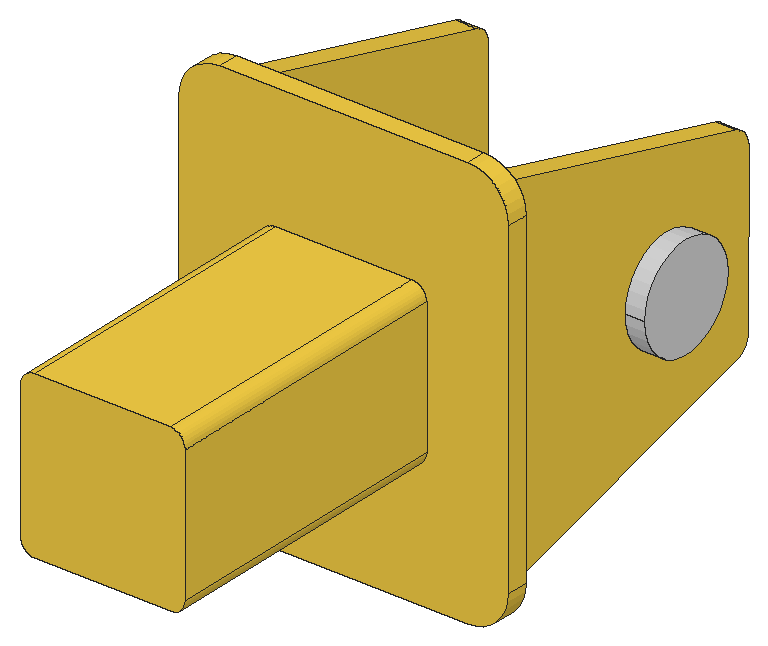
Revit family "EV_LIGHT PUSH PULL PROP HEAD_1856140", category Generic Models, Revit 2018
Family settings
  Can host rebar = No
  Round Connector Dimension = Use Diameter
  Part Type = Normal
  OmniClass Number = 35.51.14.00
  OmniClass Title = FORMWORK
  Work Plane-Based = Yes
  Always vertical = No
  Cut with Voids When Loaded = No
  Shared = Yes
  Room Calculation Point = No
Parameters
  VERTICAL RIB [instance] = no
  VERSION = "20170217"  # constant formula
  URL = "www.ulmaconstruction.com/en"
  UNICLASS = ""
  Manufacturer = "ULMA CONSTRUCTION"  # constant formula
  ITEM_CODE = "1856140"
  FILTER [instance] = ""
  Default Elevation = 0.000 mm
  CLASSIFICATION_TITLE = ""
  CLASSIFICATION_NUMBER = ""
  ANGLE [instance] = if(VERTICAL RIB, 90.00°, 0.00°)  # 0.00°
Reference planes
  plane 1 "Centro (Frontal/Posterior)": y = 0
  plane 2: z = 0
  plane 3 "Centro (Izquierda/Derecha)": x = 0
  plane 4 "AXIS": z = 20
  plane 5: y = 41
  plane 6 "PIN": y = 96
Forms (mm)
  Extrusion 1, solid, material "ULMA YELLOW", detail levels fine
    sketch origin (0, 0, 20) x (1, 0, 0) y (0, 0, 1)
      loop
        arc (-16.4, 20) -> (-18.946, 18.946) -> (-20, 16.4) r 3.6
        line (-20, 16.4) -> (-20, -16.4)
        arc (-20, -16.4) -> (-18.946, -18.946) -> (-16.4, -20) r 3.6
        line (-16.4, -20) -> (16.4, -20)
        arc (16.4, -20) -> (18.946, -18.946) -> (20, -16.4) r 3.6
        line (20, -16.4) -> (20, 16.4)
        arc (20, 16.4) -> (18.946, 18.946) -> (16.4, 20) r 3.6
        line (16.4, 20) -> (-16.4, 20)
    from -41 to 32
Lines and regions (mm)
  model lines, style "ULMA PUSH-PULL PROP", detail levels fine
    curve 1: circle (0, 0, 40) r 9.25 normal (0, 0, 1)
    curve 2: circle (0, 0, 0) r 9.25 normal (0, 0, 1)
    curve 3: circle (-20, 0, 20) r 9.25 normal (1, 0, 0)
    curve 4: circle (20, 0, 20) r 9.25 normal (1, 0, 0)
  reference lines
    curve 5: line (0, 41, 20) -> (340, 41, 20)
Dimensions and locks
  locked: plane 4 "AXIS" to plane 2 at 20
  locked: plane 1 "Centro (Frontal/Posterior)" to plane 5 at 41
  locked: plane 1 "Centro (Frontal/Posterior)" to plane 6 "PIN" at 96
  "ANGLE": angle plane 4 "AXIS" to curve 5
  aligned and locked: level to plane 2
  aligned and locked: plane 3 "Centro (Izquierda/Derecha)" to curve 5
  aligned and locked: plane 4 "AXIS" to curve 5
Automatic sketch dimensions
  Extrusion 1 sketch curve to level = 0.000 mm
  level to Extrusion 1 sketch curve = 3.600 mm  (x2)
  Extrusion 1 sketch curve to plane 3 "Centro (Izquierda/Derecha)" = 20.000 mm
  Extrusion 1 sketch curve to Extrusion 1 sketch curve = 3.600 mm
  plane 3 "Centro (Izquierda/Derecha)" to Extrusion 1 sketch curve = 16.400 mm  (x2)
  plane 4 "AXIS" to Extrusion 1 sketch curve = 16.400 mm
  Extrusion 1 to curve 1 = 16.400 mm
  Extrusion 1 to curve 1 = 32.000 mm
  curve 2 to Extrusion 1 = 32.000 mm
  curve 2 to Extrusion 1 = 16.400 mm
  curve 3 to Extrusion 1 = 16.400 mm
  Extrusion 1 to curve 3 = 32.000 mm
  Extrusion 1 to curve 4 = 16.400 mm
  Extrusion 1 to curve 4 = 32.000 mm
  radius of curve 1 = 9.250 mm
  radius of curve 2 = 9.250 mm
  radius of curve 3 = 9.250 mm
  radius of curve 4 = 9.250 mm
Nested families
  nested 1: "CHAPA U DOBLADA_1856140_PUSH-PULL PROP" at (0, 41, 20), type "CHAPA U DOBLADA_1856140_PUSH-PULL PROP"
    with FILTER "", ANGLE 0.00°
Definition of nested family "CHAPA U DOBLADA_1856140_PUSH-PULL PROP"
  Parameters (values of type "CHAPA U DOBLADA_1856140_PUSH-PULL PROP")
    VERSION = "20170217"  # constant formula
    URL = "www.ulmaconstruction.com/en"
    UNICLASS = ""
    Manufacturer = "ULMA CONSTRUCTION"  # constant formula
    ITEM_WEIGHT = 1.50 kg
    ITEM_CODE = "1856140"
    FILTER [instance] = ""
    Default Elevation = 0.000 mm
    CLASSIFICATION_TITLE = ""
    CLASSIFICATION_NUMBER = ""
    ANGLE [instance] = 0.00°
  Reference planes
    plane 1 "Centro (Frontal/Posterior)": y = 0
    plane 2: z = 0
    plane 3 "Centro (Izquierda/Derecha)": x = 0
  Forms (mm)
    Extrusion 1, solid, detail levels fine
      sketch origin (0, 0, 0) x (-1, 0, 0) y (0, 0, -1)
        loop
          arc (-30, 50) -> (-37.071, 47.071) -> (-40, 40) r 10
          line (-40, 40) -> (-40, -40)
          arc (-40, -40) -> (-37.071, -47.071) -> (-30, -50) r 10
          line (-30, -50) -> (30, -50)
          arc (30, -50) -> (37.071, -47.071) -> (40, -40) r 10
          line (40, -40) -> (40, -8) -> (40, 8) -> (40, 40)
          arc (40, 40) -> (37.071, 47.071) -> (30, 50) r 10
          line (30, 50) -> (-30, 50)
      from 0 to -5
    Extrusion 2, solid, detail levels fine
      sketch origin (0, -41, 0) x (0, 1, 0) y (0, 0, -1)
        loop
          line (46, 45) -> (46, -45) -> (117.348, -25.023)
          arc (117.348, -25.023) -> (119.984, -23.229) -> (121, -20.208) r 5
          line (121, -20.208) -> (121, 20.208)
          arc (121, 20.208) -> (119.984, 23.229) -> (117.348, 25.023) r 5
          line (117.348, 25.023) -> (46, 45)
      from -34 to 34
    Extrusion 3, void
      sketch origin (0, -41, 60) x (0, 1, 0) y (-1, 0, 0)
        loop
          line (121, -29) -> (121, 29) -> (56, 29)
          arc (56, 29) -> (52.464, 27.536) -> (51, 24) r 5
          line (51, 24) -> (51, -24)
          arc (51, -24) -> (52.464, -27.536) -> (56, -29) r 5
          line (56, -29) -> (121, -29)
      from -110 to -10
    Extrusion 4, solid, detail levels fine
      sketch origin (0, -41, 20) x (0, 1, 0) y (0, 0, -1)
        loop
          circle (96, 20) r 12.5
      from -39 to -34
    Extrusion 5, solid, detail levels fine
      sketch origin (0, -41, 20) x (0, 1, 0) y (0, 0, -1)
        loop
          circle (96, 20) r 8
      from -34 to 66
    Extrusion 6, solid, detail levels coarse+medium
      sketch origin (0, 0, 0) x (1, 0, 0) y (0, 1, 0)
        loop
          line (-40, 0) -> (40, 0) -> (40, 5) -> (-40, 5) -> (-40, 0)
      from -50 to 50
    Extrusion 7, solid, detail levels coarse+medium
      sketch origin (0, 0, 0) x (0, 1, 0) y (0, 0, 1)
        loop
          line (80, 24) -> (5, 45) -> (5, -45) -> (80, -24) -> (80, 24)
      from 29 to 34
    Extrusion 8, solid, detail levels coarse+medium
      sketch origin (-63, 0, 0) x (0, 1, 0) y (0, 0, 1)
        loop
          line (80, 24) -> (5, 45) -> (5, -45) -> (80, -24) -> (80, 24)
      from 29 to 34
  Cuts and joins
    Extrusion 3 cuts Extrusion 2
  Dimensions and locks
    aligned and locked: level to plane 2
